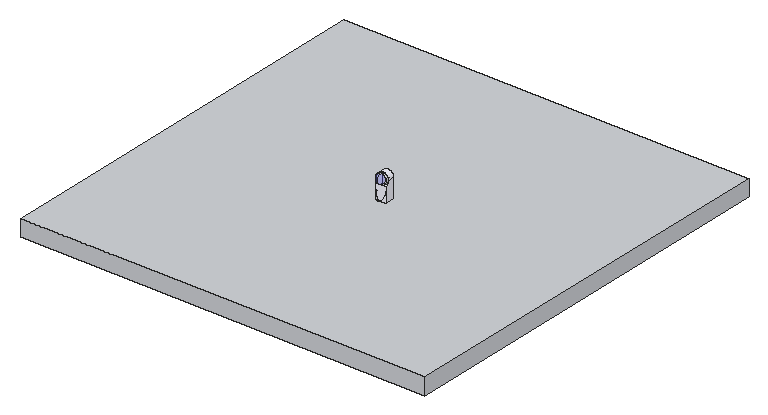
Revit family "BEG-91008", category Dispositifs d'éclairage, Revit 2015
Parameters
  Erfassungsbereich [instance] = yes
  Zone sitzend [instance] = yes
  URL = "http://www.luxomat.com/de-91008"
  Ausgabetyp = "Schalten"
  Umgebungstemperatur = "-25°C bis +50°C"
  Artikel-Nummer = "91008"
  Relais = "10A"
  Modèle = "LC-plus 280, weiß"
  Montge Anleitung = "Aufputz Version"
  Marke = "LUXOMAT"
  Image du type = 91008.jpg
  IP = "44"
  Max Montagehöhe empfohlen = Montagehöhe max  # 300 cm
  Montagehöhe max = 300 cm
  Fabricant = "B.E.G"
  Etikette [instance] = yes
  Elévation par défaut = 250 cm
  Typische Leistungsaufnahme = "0,39W"
  Commentaires du type = "LC-plus 280-weiß  BEG Luxomat Bewegungsmelder"
  Code d'assemblage = "D5010200"
  Klasse = "2"
  Schaltleistung Kanal LED = "250W"
  Schaltleistung Kanal Cos ɸ =1 = "2000W"
  Schaltleistung Kanal Cos ɸ =0,5 = "500VA"
  SPANNUNG = "110-240 V AC"
Reference planes (cm)
  plane 1 "Centre (avant/arrière)": y = 0
  plane 2: z = 0
  plane 3 "Centre (gauche/droite)": x = 0
Forms (cm)
  Extrusion 1, solid
    sketch origin (0, 0, 0) x (1, 0, 0) y (0, 1, 0)
      loop
        line (-121.92, 121.92) -> (-121.92, -121.92) -> (121.92, -121.92) -> (121.92, 121.92) -> (-121.92, 121.92)
    from 0 to -10
Dimensions and locks (cm)
  aligned and locked: plane 2 to Extrusion 1
  aligned and locked: level to Extrusion 1
  aligned and locked: plane 2 to nested 3
Nested families (cm)
  nested 1: "Famille1" at (0, -52.6659, 0) x (-1, 0, 0) z (0, 0, 1), reference <- "Artikel-Nummer", modele <- "Modèle", visible <- "Etikette", type "Famille1"
    with reference "91008", modele "LC-plus 280, weiß"
  nested 2: "Symbole Mural 2D" at (0, 0, 0), type "Symbole Mural 2D"
  nested 3: "M3" at (0, -2.25, 11.5969), type "Standard"
  nested 4: "zone D" at (0, 0, 0) x (1, 0, 0) z (0, -1, 0), visible <- "Erfassungsbereich", type "zone D"
    with zone assise yes, position 3 100 cm, position 2 240 cm, position 1 400 cm, frontale 600 cm, biais 1000 cm, assise 400 cm
Connectors (cm)
  electrical at (0, -0.6582, 0)
    settings: on nested 3, index 1, voltage 240 V, apparent load 0 VA, apparent load phase1 0 VA, apparent load phase2 0 VA, apparent load phase3 0 VA, power factor 1, load classification "Eclairage", number of poles 1, system type 31, power factor state 1, is connector primary yes, connector utility no, sub classification motor no, connector description ""
Definition of nested family "M3"
  Parameters (values of type "Standard")
    d78 = 14.8 cm
    d134 = 0 cm
    d131 = 14.8 cm
    Extrusion_Symmetric_1 = 7.4 cm
  Reference planes (cm)
    plane 1 "Centre (avant/arrière)": y = 0
    plane 2: z = 0
    plane 3 "Centre (gauche/droite)": x = 0
    plane 4: x = 0
    plane 5: z = 3.2031
    plane 6: z = -11.5969
    plane 7: z = 3.2031
    plane 8: x = 5.1
    plane 9: x = -5.1
    plane 10: y = 0
    plane 11: y = -7.4
    plane 12: y = 7.4
  Forms (cm)
    Revolve 1, solid
      sketch origin (0, 0, 0) x (0, -1, 0) y (0, 0, -1)
        loop
          line (0, 0) -> (2.75, 0)
          arc (2.75, 0) -> (1.9445, 1.9445) -> (0, 2.75) r 2.75
          line (0, 2.75) -> (0, 0)
        axis (0, 0) -> (2.75, 0)
      angle from 0 to 360
    Revolve 2, solid
      sketch origin (0, 0, 0) x (0, -1, 0) y (0, 0, -1)
        loop
          line (0, 0) -> (-1.5, 0) -> (-1.5, -2.9)
          arc (-1.5, -2.9) -> (-0.7682, -3.1409) -> (0, -3.2) r 3.2031
          line (0, -3.2) -> (0, 0)
        axis (0, 0) -> (-1.5, 0)
      angle from 0 to 360
    Extrusion 3, solid
      sketch origin (0, 0, -11.5969) x (-1, 0, 0) y (0, -1, 0)
        loop
          arc (-3.4, -4.6278) -> (0, -5.05) -> (3.4, -4.6278) r 13.9
          line (3.4, -4.6278) -> (3.4, 0.1722)
          arc (3.4, 0.1722) -> (0, 0.9523) -> (-3.4, 0.1722) r 7.8
          line (-3.4, 0.1722) -> (-3.4, -4.6278)
      from 0 to 14.8
    Extrusion 4, void
      sketch origin (0, 0, 0) x (0, -1, 0) y (0, 0, -1)
        loop
          line (-1.5, -4.0367) -> (2.4122, -4.0367) -> (2.2569, 11.5969) -> (0.9523, 11.5969) -> (0, 3.2974) -> (-1.5, 1.3072) -> (-1.5, -4.0367)
      from 5.1 to -5.1
    Extrusion 5, void
      sketch origin (0, 0, 0) x (-1, 0, 0) y (0, 0, 1)
        loop
          line (3.4, -0.3969) -> (4.5951, -0.3969) -> (4.5951, 5.2234) -> (-5.7787, 5.2234) -> (-5.7787, -0.3969) -> (-3.4, -0.3969)
          arc (-3.4, -0.3969) -> (0, 3.0031) -> (3.4, -0.3969) r 3.4
      from -7.4 to 7.4
  Cuts and joins
    Extrusion 4, Extrusion 5 cuts Extrusion 3
    joined: Revolve 2, Extrusion 3
  Lines and regions (cm)
    reference lines
      curve 1: line (0, 0, 0) -> (0, 0, -2.75)
      curve 2: arc (0, -2.75, 0) -> (0, -1.9445, -1.9445) -> (0, 0, -2.75) r 2.75
      curve 3: line (0, 0, 0) -> (0, -2.75, 0)
      curve 4: line (0, 0, 0) -> (0, 1.5, 0)
      curve 5: line (0, 1.5, 2.9) -> (0, 1.5, 0)
      curve 6: arc (0, 1.5, 2.9) -> (0, 0.7682, 3.1409) -> (0, 0, 3.2) r 3.2031
      curve 7: line (0, 0, 0) -> (0, 0, 3.2)
      curve 8: line (3.4, 4.6278, -11.5969) -> (3.4, -0.1722, -11.5969)
      curve 9: arc (-3.4, -0.1722, -11.5969) -> (0, -0.9523, -11.5969) -> (3.4, -0.1722, -11.5969) r 7.8
      curve 10: line (-3.4, -0.1722, -11.5969) -> (-3.4, 4.6278, -11.5969)
      curve 11: arc (3.4, 4.6278, -11.5969) -> (0, 5.05, -11.5969) -> (-3.4, 4.6278, -11.5969) r 13.9
      curve 12: line (0, 1.5, 4.0367) -> (0, 1.5, -1.3072)
      curve 13: line (0, 1.5, -1.3072) -> (0, 0, -3.2974)
      curve 14: line (0, 0, -3.2974) -> (0, -0.9523, -11.5969)
      curve 15: line (0, -2.2569, -11.5969) -> (0, -0.9523, -11.5969)
      curve 16: line (0, -2.4122, 4.0367) -> (0, -2.2569, -11.5969)
      curve 17: line (0, 1.5, 4.0367) -> (0, -2.4122, 4.0367)
      curve 18: arc (-3.4, 0, -0.3969) -> (0, 0, 3.0031) -> (3.4, 0, -0.3969) r 3.4
      curve 19: line (5.7787, 0, -0.3969) -> (3.4, 0, -0.3969)
      curve 20: line (5.7787, 0, 5.2234) -> (5.7787, 0, -0.3969)
      curve 21: line (-4.5951, 0, 5.2234) -> (5.7787, 0, 5.2234)
      curve 22: line (-4.5951, 0, -0.3969) -> (-4.5951, 0, 5.2234)
      curve 23: line (-3.4, 0, -0.3969) -> (-4.5951, 0, -0.3969)
  Dimensions and locks (cm)
    "d78": plane 6 to plane 5
    "d131": plane 6 to plane 7
    "Extrusion_Symmetric_1": plane 11 to plane 10
    "Extrusion_Symmetric_1": plane 10 to plane 12
    aligned and locked: level to plane 2
    aligned and locked: Revolve 1 sketch curve to curve 1
    aligned and locked: Revolve 1 sketch curve to curve 2
    aligned and locked: Revolve 1 sketch curve to curve 3  (x2)
    aligned and locked: Revolve 2 sketch curve to curve 4  (x2)
    aligned and locked: Revolve 2 sketch curve to curve 5
    aligned and locked: Revolve 2 sketch curve to curve 6
    aligned and locked: Revolve 2 sketch curve to curve 7
    aligned and locked: Extrusion 3 to plane 7
    aligned and locked: Extrusion 3 to plane 6
    aligned and locked: Extrusion 3 sketch curve to curve 8
    aligned and locked: Extrusion 3 sketch curve to curve 9
    aligned and locked: Extrusion 3 sketch curve to curve 10
    aligned and locked: Extrusion 3 sketch curve to curve 11
    aligned and locked: Extrusion 4 to plane 9
    aligned and locked: Extrusion 4 to plane 8
    aligned and locked: Extrusion 4 sketch curve to curve 12
    aligned and locked: Extrusion 4 sketch curve to curve 13
    aligned and locked: Extrusion 4 sketch curve to curve 14
    aligned and locked: Extrusion 4 sketch curve to curve 15
    aligned and locked: Extrusion 4 sketch curve to curve 16
    aligned and locked: Extrusion 4 sketch curve to curve 17
    aligned and locked: Extrusion 5 to plane 12
    aligned and locked: Extrusion 5 to plane 11
    aligned and locked: Extrusion 5 sketch curve to curve 18
    aligned and locked: Extrusion 5 sketch curve to curve 19
    aligned and locked: Extrusion 5 sketch curve to curve 20
    aligned and locked: Extrusion 5 sketch curve to curve 21
    aligned and locked: Extrusion 5 sketch curve to curve 22
    aligned and locked: Extrusion 5 sketch curve to curve 23
Definition of nested family "Famille1"
  Parameters (values of type "Famille1")
    reference [instance] = ""
    modele [instance] = ""
  Reference planes (cm)
    plane 1: y = 0
    plane 2: x = 0
  Text (cm)
    label "reference\n\nmodele" at (0.0074, -0.6424, 0), shows "reference", "modele"
Definition of nested family "Symbole Mural 2D"
  Reference planes (cm)
    plane 1: y = 0
    plane 2: x = 0
  Lines and regions (cm)
    Filled region 1, type "rouge"
      outline origin (0, 0, 0) x (1, 0, 0) y (0, 1, 0)
        loop
          circle (0, 0) r 0.0294
    detail lines
      curve 1: arc (-0.0294, 0, 0) -> (0, -0.0294, 0) -> (0.0294, 0, 0) r 0.0294
      curve 2: arc (0.0294, 0, 0) -> (0, 0.0294, 0) -> (-0.0294, 0, 0) r 0.0294
      curve 3: arc (0.102, 0.1767, 0) -> (0, 0.204, 0) -> (-0.102, 0.1767, 0) r 0.204
      curve 4: arc (0.081, 0.1403, 0) -> (0, 0.162, 0) -> (-0.081, 0.1403, 0) r 0.162
      curve 5: arc (0.06, 0.1039, 0) -> (0, 0.12, 0) -> (-0.06, 0.1039, 0) r 0.12
Definition of nested family "zone D"
  Parameters (values of type "zone D")
    zone assise [instance] = yes
    position 3 [instance] = (assise / 4)  # 100 cm
    position 2 [instance] = (frontale / 2) * 0.8  # 240 cm
    position 1 [instance] = (biais / 2) * 0.8  # 400 cm
    frontale [instance] = 600 cm
    biais [instance] = 1000 cm
    assise [instance] = 400 cm
  Reference planes (cm)
    plane 1 "Centre (avant/arrière)": y = 0
    plane 2: z = 0
    plane 3 "Centre (gauche/droite)": x = 0
    plane 4: y = 600
    plane 5: y = 200
    plane 6: y = 1600
    plane 7: x = -1000
    plane 8: x = 1000
    plane 9: through (0, 0, 400) normal (0.766, -0.6428, 0)
    plane 10: through (0, 0, 400) normal (0.766, 0.6428, 0)
  Lines and regions (cm)
    detail lines, in view "Niveau de réf.", visible <- "zone assise"
      curve 1: spline (-41.3175, 115.4258, 0) -> (-40.9514, 115.2726, 0) -> (-39.8783, 115.1298, 0) -> (-38.1711, 115.0072, 0) -> (-35.9463, 114.9131, 0) -> (-33.3554, 114.8539, 0) -> (-30.5751, 114.8338, 0) -> (-27.7947, 114.8539, 0) -> (-25.2038, 114.9131, 0) -> (-22.979, 115.0072, 0) -> (-21.2718, 115.1298, 0) -> (-20.1987, 115.2726, 0) -> (-19.8326, 115.4258, 0) -> (-20.1987, 115.5791, 0) -> (-21.2718, 115.7219, 0) -> (-22.979, 115.8445, 0) -> (-25.2038, 115.9386, 0) -> (-27.7947, 115.9977, 0) -> (-30.5751, 116.0179, 0) -> (-33.3554, 115.9977, 0) -> (-35.9463, 115.9386, 0) -> (-38.1711, 115.8445, 0) -> (-39.8783, 115.7219, 0) -> (-40.9514, 115.5791, 0) -> (-41.3175, 115.4258, 0)
      curve 2: line (-41.3175, 115.4258, 0) -> (-39.7679, 115.7322, 0)
      curve 3: arc (-38.6903, 95.6252, 0) -> (-43.3323, 95.028, 0) -> (-47.6719, 93.2752, 0) r 18.3388
      curve 4: arc (-47.6719, 93.2752, 0) -> (-47.739, 93.2094, 0) -> (-47.7637, 93.1188, 0) r 0.1799
      curve 5: arc (-38.4979, 95.0335, 0) -> (-42.7881, 94.6337, 0) -> (-46.8946, 93.3288, 0) r 20.1051
      curve 6: arc (-46.8946, 93.3288, 0) -> (-47.0804, 93.235, 0) -> (-47.253, 93.1188, 0) r 1.6679
      curve 7: circle (-47.5084, 92.3848, 0) r 0.5096 normal (0, 0, 1)
      curve 8: arc (-46.9388, 92.3848, 0) -> (-47.5084, 92.9544, 0) -> (-48.078, 92.3848, 0) r 0.5696
      curve 9: arc (-46.8788, 92.3848, 0) -> (-47.5084, 93.0144, 0) -> (-48.138, 92.3848, 0) r 0.6296
      curve 10: arc (-22.4599, 95.6252, 0) -> (-17.8179, 95.028, 0) -> (-13.4782, 93.2752, 0) r 18.3388
      curve 11: arc (-13.4782, 93.2752, 0) -> (-13.4112, 93.2094, 0) -> (-13.3864, 93.1188, 0) r 0.1799
      curve 12: arc (-22.6522, 95.0335, 0) -> (-18.362, 94.6337, 0) -> (-14.2555, 93.3288, 0) r 20.1051
      curve 13: arc (-14.2555, 93.3288, 0) -> (-14.0697, 93.235, 0) -> (-13.8971, 93.1188, 0) r 1.6679
      curve 14: circle (-13.6418, 92.3848, 0) r 0.5096 normal (0, 0, 1)
      curve 15: arc (-13.0722, 92.3848, 0) -> (-13.6418, 92.9544, 0) -> (-14.2113, 92.3848, 0) r 0.5696
      curve 16: arc (-13.0122, 92.3848, 0) -> (-13.6418, 93.0144, 0) -> (-14.2713, 92.3848, 0) r 0.6296
      curve 17: arc (-31.3001, 95.6252, 0) -> (-35.0279, 94.773, 0) -> (-38.5464, 93.2752, 0) r 21.5424
      curve 18: arc (-38.5464, 93.2752, 0) -> (-38.6134, 93.2094, 0) -> (-38.6382, 93.1188, 0) r 0.1799
      curve 19: arc (-31.3001, 95.0335, 0) -> (-34.5944, 94.4079, 0) -> (-37.7691, 93.3288, 0) r 23.9713
      curve 20: arc (-37.7691, 93.3288, 0) -> (-37.9518, 93.2368, 0) -> (-38.1218, 93.1231, 0) r 1.6679
      curve 21: arc (-31.0637, 95.0335, 0) -> (-34.3097, 94.3846, 0) -> (-37.4471, 93.3288, 0) r 26.0219
      curve 22: arc (-37.4471, 93.3288, 0) -> (-37.6328, 93.235, 0) -> (-37.8055, 93.1188, 0) r 1.6679
      curve 23: circle (-38.2218, 92.3848, 0) r 0.5096 normal (0, 0, 1)
      curve 24: arc (-37.6522, 92.3848, 0) -> (-38.2218, 92.9544, 0) -> (-38.7914, 92.3848, 0) r 0.5696
      curve 25: arc (-37.5922, 92.3848, 0) -> (-38.2218, 93.0144, 0) -> (-38.8514, 92.3848, 0) r 0.6296
      curve 26: arc (-29.85, 95.6252, 0) -> (-26.1222, 94.773, 0) -> (-22.6037, 93.2752, 0) r 21.5424
      curve 27: arc (-22.6037, 93.2752, 0) -> (-22.5367, 93.2094, 0) -> (-22.5119, 93.1188, 0) r 0.1799
      curve 28: arc (-29.85, 95.0335, 0) -> (-26.5557, 94.4079, 0) -> (-23.381, 93.3288, 0) r 23.9713
      curve 29: arc (-23.381, 93.3288, 0) -> (-23.1952, 93.235, 0) -> (-23.0226, 93.1188, 0) r 1.6679
      curve 30: arc (-30.0865, 95.0335, 0) -> (-26.8404, 94.3846, 0) -> (-23.703, 93.3288, 0) r 26.0219
      curve 31: arc (-23.703, 93.3288, 0) -> (-23.5173, 93.235, 0) -> (-23.3447, 93.1188, 0) r 1.6679
      curve 32: circle (-22.9283, 92.3848, 0) r 0.5096 normal (0, 0, 1)
      curve 33: arc (-22.3587, 92.3848, 0) -> (-22.9283, 92.9544, 0) -> (-23.4979, 92.3848, 0) r 0.5696
      curve 34: arc (-22.2987, 92.3848, 0) -> (-22.9283, 93.0144, 0) -> (-23.5579, 92.3848, 0) r 0.6296
      curve 35: arc (-39.0487, 121.0845, 0) -> (-37.9184, 118.0313, 0) -> (-34.9061, 116.7959, 0) r 4.0512
      curve 36: arc (-19.7594, 116.4409, 0) -> (-18.9946, 115.9957, 0) -> (-18.8354, 115.1252, 0) r 1.0582
      curve 37: arc (-18.8354, 115.1252, 0) -> (-20.1297, 105.987, 0) -> (-20.1111, 96.7576, 0) r 64.7189
      curve 38: arc (-20.1111, 96.7576, 0) -> (-19.9738, 96.2109, 0) -> (-19.4935, 95.9159, 0) r 0.7467
      curve 39: arc (-19.4935, 95.9159, 0) -> (-16.4122, 95.3424, 0) -> (-13.2788, 95.2735, 0) r 19.3577
      curve 40: arc (-13.2788, 95.2735, 0) -> (-13.6771, 95.7749, 0) -> (-14.2869, 95.97, 0) r 1.1013
      curve 41: arc (-14.2869, 95.97, 0) -> (-16.4682, 96.4044, 0) -> (-18.5995, 97.0399, 0) r 23.8747
      curve 42: arc (-18.5995, 97.0399, 0) -> (-17.6453, 105.6652, 0) -> (-16.8888, 114.3101, 0) r 379.1961
      curve 43: arc (-16.8888, 114.3101, 0) -> (-17.1116, 117.0558, 0) -> (-19.099, 118.9634, 0) r 3.8846
      curve 44: arc (-19.099, 118.9634, 0) -> (-25.2549, 121.0287, 0) -> (-31.695, 121.8571, 0) r 33.2193
      curve 45: arc (-31.695, 121.8571, 0) -> (-30.8924, 129.519, 0) -> (-30.9017, 137.2229, 0) r 72.9952
      curve 46: arc (-31.1524, 140.494, 0) -> (-31.2604, 141.5098, 0) -> (-31.3826, 142.524, 0) r 72.9952
      curve 47: arc (-34.2155, 142.2892, 0) -> (-36.3834, 141.5053, 0) -> (-35.5294, 139.3641, 0) r 1.6042
      curve 48: arc (-31.3826, 142.524, 0) -> (-34.7706, 144.4714, 0) -> (-38.1587, 142.524, 0) r 3.9209
      curve 49: arc (-4.8826, 132.5317, 0) -> (-4.8945, 132.4406, 0) -> (-4.9819, 132.4689, 0) r 0.0597
      curve 50: arc (-7.0184, 132.7548, 0) -> (-6.9904, 132.5973, 0) -> (-7.149, 132.5761, 0) r 0.1108
      curve 51: spline (-34.9316, 153.8549, 0) -> (-34.0201, 153.7243, 0) -> (-33.1637, 153.2995, 0) -> (-32.4208, 152.6094, 0) -> (-31.842, 151.7011, 0) -> (-31.4668, 150.6365, 0) -> (-31.3207, 149.488, 0) -> (-31.4136, 148.3341, 0) -> (-31.7393, 147.2532, 0) -> (-32.2756, 146.3192, 0) -> (-32.9858, 145.5955, 0) -> (-33.8217, 145.1317, 0) -> (-34.7262, 144.9591, 0) -> (-35.6377, 145.0897, 0) -> (-36.494, 145.5145, 0) -> (-37.2369, 146.2046, 0) -> (-37.8157, 147.1129, 0) -> (-38.191, 148.1776, 0) -> (-38.3371, 149.326, 0) -> (-38.2441, 150.48, 0) -> (-37.9184, 151.5608, 0) -> (-37.3822, 152.4949, 0) -> (-36.6719, 153.2185, 0) -> (-35.8361, 153.6824, 0) -> (-34.9316, 153.8549, 0)
      curve 52: line (-10.2016, 91.8752, 0) -> (30.5833, 91.8752, 0)
      curve 53: line (30.5833, 91.8752, 0) -> (30.5833, 130.8821, 0)
      curve 54: line (30.5833, 130.8821, 0) -> (-10.2016, 130.8821, 0)
      curve 55: line (-10.2016, 130.8821, 0) -> (-10.2016, 91.8752, 0)
      curve 56: line (-10.2016, 91.8752, 0) -> (-56.7589, 91.8752, 0)
      curve 57: line (-16.1433, 130.8821, 0) -> (36.525, 130.8821, 0)
      curve 58: line (36.525, 130.8821, 0) -> (36.525, 132.3485, 0)
      curve 59: line (36.525, 132.3485, 0) -> (-16.1433, 132.3485, 0)
      curve 60: line (-16.1433, 132.3485, 0) -> (-16.1433, 130.8821, 0)
      curve 61: line (-31.5631, 114.8338, 0) -> (-29.587, 114.8338, 0)
      curve 62: line (-29.587, 114.8338, 0) -> (-29.587, 95.6252, 0)
      curve 63: line (-29.587, 95.6252, 0) -> (-31.5631, 95.6252, 0)
      curve 64: line (-31.5631, 95.6252, 0) -> (-31.5631, 114.8338, 0)
      curve 65: line (-31.5631, 95.6252, 0) -> (-38.6903, 95.6252, 0)
      curve 66: line (-47.7637, 93.1188, 0) -> (-47.253, 93.1188, 0)
      curve 67: line (-29.85, 95.6252, 0) -> (-30.0865, 95.0335, 0)
      curve 68: line (-30.0865, 95.0335, 0) -> (-29.85, 95.0335, 0)
      curve 69: line (-29.85, 95.0335, 0) -> (-30.5751, 95.0335, 0)
      curve 70: line (-30.5751, 95.0335, 0) -> (-31.3001, 95.0335, 0)
      curve 71: line (-31.3001, 95.0335, 0) -> (-31.0637, 95.0335, 0)
      curve 72: line (-31.0637, 95.0335, 0) -> (-31.3001, 95.6252, 0)
      curve 73: line (-34.1634, 95.0335, 0) -> (-38.4979, 95.0335, 0)
      curve 74: line (-48.078, 92.3848, 0) -> (-48.138, 92.3848, 0)
      curve 75: line (-46.9388, 92.3848, 0) -> (-46.8788, 92.3848, 0)
      curve 76: line (-47.4084, 93.0064, 0) -> (-47.4084, 93.1188, 0)
      curve 77: line (-47.6084, 93.0064, 0) -> (-47.6084, 93.1188, 0)
      curve 78: line (-29.587, 95.6252, 0) -> (-22.4599, 95.6252, 0)
      curve 79: line (-13.3864, 93.1188, 0) -> (-13.8971, 93.1188, 0)
      curve 80: line (-26.9867, 95.0335, 0) -> (-22.6522, 95.0335, 0)
      curve 81: line (-13.0722, 92.3848, 0) -> (-13.0122, 92.3848, 0)
      curve 82: line (-14.2113, 92.3848, 0) -> (-14.2713, 92.3848, 0)
      curve 83: line (-13.7418, 93.0064, 0) -> (-13.7418, 93.1188, 0)
      curve 84: line (-13.5418, 93.0064, 0) -> (-13.5418, 93.1188, 0)
      curve 85: line (-38.6382, 93.1188, 0) -> (-37.8055, 93.1188, 0)
      curve 86: line (-38.7914, 92.3848, 0) -> (-38.8514, 92.3848, 0)
      curve 87: line (-37.6522, 92.3848, 0) -> (-37.5922, 92.3848, 0)
      curve 88: line (-38.1218, 93.0064, 0) -> (-38.1218, 93.1231, 0)
      curve 89: line (-38.3218, 93.0064, 0) -> (-38.3218, 93.1188, 0)
      curve 90: line (-22.5119, 93.1188, 0) -> (-23.3447, 93.1188, 0)
      curve 91: line (-22.3587, 92.3848, 0) -> (-22.2987, 92.3848, 0)
      curve 92: line (-23.4979, 92.3848, 0) -> (-23.5579, 92.3848, 0)
      curve 93: line (-23.0283, 93.0064, 0) -> (-23.0283, 93.1188, 0)
      curve 94: line (-22.8283, 93.0064, 0) -> (-22.8283, 93.1188, 0)
      curve 95: line (-34.9061, 116.7959, 0) -> (-19.7594, 116.4409, 0)
      curve 96: line (-39.0487, 121.0845, 0) -> (-38.1587, 142.524, 0)
      curve 97: line (-34.2155, 142.2892, 0) -> (-21.3663, 134.7588, 0)
      curve 98: line (-21.3663, 134.7588, 0) -> (-10.3337, 133.881, 0)
      curve 99: line (-10.3337, 133.881, 0) -> (-7.6441, 133.9359, 0)
      curve 100: line (-7.6441, 133.9359, 0) -> (-5.7779, 133.497, 0)
      curve 101: line (-5.7779, 133.497, 0) -> (-4.8826, 132.5317, 0)
      curve 102: line (-4.9819, 132.4689, 0) -> (-5.8216, 133.3036, 0)
      curve 103: line (-5.8216, 133.3036, 0) -> (-7.6523, 133.513, 0)
      curve 104: line (-7.6523, 133.513, 0) -> (-8.0567, 133.2388, 0)
      curve 105: line (-8.0567, 133.2388, 0) -> (-7.0184, 132.7548, 0)
      curve 106: line (-7.149, 132.5761, 0) -> (-8.7064, 133.1089, 0)
      curve 107: line (-8.7064, 133.1089, 0) -> (-10.5368, 132.8698, 0)
      curve 108: line (-10.5368, 132.8698, 0) -> (-22.0552, 133.1298, 0)
      curve 109: line (-22.0552, 133.1298, 0) -> (-35.5294, 139.3641, 0)
      curve 110: line (-35.9052, 145.1881, 0) -> (-36.0352, 144.2619, 0)
      curve 111: line (-33.555, 145.2442, 0) -> (-33.4126, 144.2287, 0)
      curve 112: line (30.5833, 91.8752, 0) -> (42.1578, 91.8752, 0)
    detail lines, in view "Niveau de réf."
      curve 113: spline (-2.3068, 424.875, 0) -> (-4.0856, 424.5434, 0) -> (-5.7432, 423.5712, 0) -> (-7.1667, 422.0245, 0) -> (-8.2589, 420.0089, 0) -> (-8.9455, 417.6617, 0) -> (-9.1797, 415.1428, 0) -> (-8.9455, 412.6239, 0) -> (-8.2589, 410.2767, 0) -> (-7.1667, 408.261, 0) -> (-5.7432, 406.7144, 0) -> (-4.0856, 405.7422, 0) -> (-2.3068, 405.4105, 0) -> (-0.5279, 405.7422, 0) -> (1.1297, 406.7144, 0) -> (2.5531, 408.261, 0) -> (3.6453, 410.2767, 0) -> (4.3319, 412.6239, 0) -> (4.5661, 415.1428, 0) -> (4.3319, 417.6617, 0) -> (3.6453, 420.0089, 0) -> (2.5531, 422.0245, 0) -> (1.1297, 423.5712, 0) -> (-0.5279, 424.5434, 0) -> (-2.3068, 424.875, 0)
      curve 114: line (4.7649, 412.2415, 0) -> (-0.5136, 425.0698, 0)
      curve 115: line (-3.5648, 425.2261, 0) -> (-9.2455, 411.6752, 0)
      curve 116: line (0.3759, 405.6074, 0) -> (3.0011, 408.0292, 0)
      curve 117: line (-3.5053, 425.6531, 0) -> (-6.62, 425.5242, 0)
      curve 118: line (-1.7304, 425.501, 0) -> (-3.5053, 425.6531, 0)
      curve 119: line (4.7649, 412.2415, 0) -> (-0.5136, 425.0698, 0)
      curve 120: line (21.1936, 412.5379, 0) -> (24.4202, 414.5108, 0)
      curve 121: line (21.1936, 412.5379, 0) -> (24.4202, 414.5108, 0)
      curve 122: line (0.3759, 405.6074, 0) -> (3.0011, 408.0292, 0)
      curve 123: line (-1.7304, 425.501, 0) -> (-6.62, 425.5242, 0)
      curve 124: line (-3.5648, 425.2261, 0) -> (-9.2455, 411.6752, 0)
      curve 125: line (0, 397.1486, 0) -> (0, 366.2274, 0)
      curve 126: line (0, 366.2274, 0) -> (0, 357.93, 0)
      curve 127: spline (-389.2744, 828.3651, 0) -> (-387.6504, 827.567, 0) -> (-385.7404, 827.3548, 0) -> (-383.6747, 827.7431, 0) -> (-381.5938, 828.7052, 0) -> (-379.6397, 830.1758, 0) -> (-377.9456, 832.0545, 0) -> (-376.6268, 834.2133, 0) -> (-375.7733, 836.5051, 0) -> (-375.4432, 838.7738, 0) -> (-375.659, 840.8646, 0) -> (-376.406, 842.6352, 0) -> (-377.6333, 843.9648, 0) -> (-379.2573, 844.7629, 0) -> (-381.1673, 844.9751, 0) -> (-383.2331, 844.5868, 0) -> (-385.3139, 843.6246, 0) -> (-387.268, 842.1541, 0) -> (-388.9621, 840.2754, 0) -> (-390.2809, 838.1166, 0) -> (-391.1344, 835.8248, 0) -> (-391.4645, 833.5561, 0) -> (-391.2487, 831.4653, 0) -> (-390.5017, 829.6947, 0) -> (-389.2744, 828.3651, 0)
      curve 128: line (-387.3863, 842.7195, 0) -> (-390.828, 829.2814, 0)
      curve 129: line (-388.4761, 827.3314, 0) -> (-375.819, 834.7943, 0)
      curve 130: line (-379.9011, 845.4115, 0) -> (-383.4534, 845.0406, 0)
      curve 131: line (-388.7791, 827.0247, 0) -> (-386.2058, 825.2652, 0)
      curve 132: line (-390.1108, 828.2081, 0) -> (-388.7791, 827.0247, 0)
      curve 133: line (-387.3863, 842.7195, 0) -> (-390.828, 829.2814, 0)
      curve 134: line (-400.7303, 852.3073, 0) -> (-404.4962, 852.6559, 0)
      curve 135: line (-400.7303, 852.3073, 0) -> (-404.4962, 852.6559, 0)
      curve 136: line (-379.9011, 845.4115, 0) -> (-383.4534, 845.0406, 0)
      curve 137: line (-390.1108, 828.2081, 0) -> (-386.2058, 825.2652, 0)
      curve 138: line (-388.4761, 827.3314, 0) -> (-375.819, 834.7943, 0)
      curve 139: line (-374.5409, 851.966, 0) -> (-356.048, 876.7477, 0)
      curve 140: line (-356.048, 876.7477, 0) -> (-351.0856, 883.3976, 0)
      curve 281: spline (-801.9797, -955.7621, 0) -> (-963.3172, -429.3849, 0) -> (-995.3183, 154.6423, 0) -> (-893.6866, 717.9069, 0) -> (-672.0672, 1184.7843, 0) -> (-360.2151, 1492.5908, 0) -> (0, 1600, 0) -> (360.2151, 1492.5908, 0) -> (672.0672, 1184.7843, 0) -> (893.6866, 717.9069, 0) -> (995.3183, 154.6423, 0) -> (963.3172, -429.3849, 0) -> (801.9797, -955.7621, 0)
      curve 282: arc (385.6726, -459.6267, 0) -> (0, 600, 0) -> (-385.6726, -459.6267, 0) r 600
      curve 283: arc (128.5575, -153.2089, 0) -> (0, 200, 0) -> (-128.5575, -153.2089, 0) r 200
      curve 284: line (0, 0, 0) -> (-801.9797, -955.7621, 0)
      curve 285: line (0, 0, 0) -> (801.9797, -955.7621, 0)
    detail lines, in view "Niveau de réf.", visible <- "zone assise", not visible
      curve 141: spline (925.976, -22.5654, 0) -> (926.342, -22.7186, 0) -> (927.4152, -22.8614, 0) -> (929.1224, -22.984, 0) -> (931.3472, -23.0781, 0) -> (933.938, -23.1373, 0) -> (936.7184, -23.1574, 0) -> (939.4987, -23.1373, 0) -> (942.0896, -23.0781, 0) -> (944.3144, -22.984, 0) -> (946.0216, -22.8614, 0) -> (947.0948, -22.7186, 0) -> (947.4608, -22.5654, 0) -> (947.0948, -22.4122, 0) -> (946.0216, -22.2694, 0) -> (944.3144, -22.1467, 0) -> (942.0896, -22.0527, 0) -> (939.4987, -21.9935, 0) -> (936.7184, -21.9733, 0) -> (933.938, -21.9935, 0) -> (931.3472, -22.0527, 0) -> (929.1224, -22.1467, 0) -> (927.4152, -22.2694, 0) -> (926.342, -22.4122, 0) -> (925.976, -22.5654, 0)
      curve 142: line (925.976, -22.5654, 0) -> (927.5256, -22.2591, 0)
      curve 143: arc (928.6032, -42.366, 0) -> (923.9612, -42.9632, 0) -> (919.6215, -44.716, 0) r 18.3388
      curve 144: arc (919.6215, -44.716, 0) -> (919.5545, -44.7818, 0) -> (919.5297, -44.8725, 0) r 0.1799
      curve 145: arc (928.7956, -42.9577, 0) -> (924.5053, -43.3576, 0) -> (920.3988, -44.6624, 0) r 20.1051
      curve 146: arc (920.3988, -44.6624, 0) -> (920.213, -44.7562, 0) -> (920.0404, -44.8725, 0) r 1.6679
      curve 147: circle (919.7851, -45.6065, 0) r 0.5096 normal (0, 0, 1)
      curve 148: arc (920.3547, -45.6065, 0) -> (919.7851, -45.0369, 0) -> (919.2155, -45.6065, 0) r 0.5696
      curve 149: arc (920.4147, -45.6065, 0) -> (919.7851, -44.9769, 0) -> (919.1555, -45.6065, 0) r 0.6296
      curve 150: arc (944.8336, -42.366, 0) -> (949.4756, -42.9632, 0) -> (953.8152, -44.716, 0) r 18.3388
      curve 151: arc (953.8152, -44.716, 0) -> (953.8823, -44.7818, 0) -> (953.907, -44.8725, 0) r 0.1799
      curve 152: arc (944.6412, -42.9577, 0) -> (948.9315, -43.3576, 0) -> (953.038, -44.6624, 0) r 20.1051
      curve 153: arc (953.038, -44.6624, 0) -> (953.2237, -44.7562, 0) -> (953.3964, -44.8725, 0) r 1.6679
      curve 154: circle (953.6517, -45.6065, 0) r 0.5096 normal (0, 0, 1)
      curve 155: arc (954.2213, -45.6065, 0) -> (953.6517, -45.0369, 0) -> (953.0821, -45.6065, 0) r 0.5696
      curve 156: arc (954.2813, -45.6065, 0) -> (953.6517, -44.9769, 0) -> (953.0221, -45.6065, 0) r 0.6296
      curve 157: arc (935.9933, -42.366, 0) -> (932.2655, -43.2182, 0) -> (928.7471, -44.716, 0) r 21.5424
      curve 158: arc (928.7471, -44.716, 0) -> (928.68, -44.7818, 0) -> (928.6553, -44.8725, 0) r 0.1799
      curve 159: arc (935.9933, -42.9577, 0) -> (932.6991, -43.5833, 0) -> (929.5243, -44.6624, 0) r 23.9713
      curve 160: arc (929.5243, -44.6624, 0) -> (929.3417, -44.7544, 0) -> (929.1716, -44.8681, 0) r 1.6679
      curve 161: arc (936.2298, -42.9577, 0) -> (932.9838, -43.6066, 0) -> (929.8464, -44.6624, 0) r 26.0219
      curve 162: arc (929.8464, -44.6624, 0) -> (929.6606, -44.7562, 0) -> (929.488, -44.8725, 0) r 1.6679
      curve 163: circle (929.0716, -45.6065, 0) r 0.5096 normal (0, 0, 1)
      curve 164: arc (929.6412, -45.6065, 0) -> (929.0716, -45.0369, 0) -> (928.502, -45.6065, 0) r 0.5696
      curve 165: arc (929.7012, -45.6065, 0) -> (929.0716, -44.9769, 0) -> (928.442, -45.6065, 0) r 0.6296
      curve 166: arc (937.4435, -42.366, 0) -> (941.1713, -43.2182, 0) -> (944.6897, -44.716, 0) r 21.5424
      curve 167: arc (944.6897, -44.716, 0) -> (944.7568, -44.7818, 0) -> (944.7815, -44.8725, 0) r 0.1799
      curve 168: arc (937.4435, -42.9577, 0) -> (940.7377, -43.5833, 0) -> (943.9124, -44.6624, 0) r 23.9713
      curve 169: arc (943.9124, -44.6624, 0) -> (944.0982, -44.7562, 0) -> (944.2708, -44.8725, 0) r 1.6679
      curve 170: arc (937.207, -42.9577, 0) -> (940.453, -43.6066, 0) -> (943.5904, -44.6624, 0) r 26.0219
      curve 171: arc (943.5904, -44.6624, 0) -> (943.7762, -44.7562, 0) -> (943.9488, -44.8725, 0) r 1.6679
      curve 172: circle (944.3651, -45.6065, 0) r 0.5096 normal (0, 0, 1)
      curve 173: arc (944.9347, -45.6065, 0) -> (944.3651, -45.0369, 0) -> (943.7956, -45.6065, 0) r 0.5696
      curve 174: arc (944.9947, -45.6065, 0) -> (944.3651, -44.9769, 0) -> (943.7356, -45.6065, 0) r 0.6296
      curve 175: arc (928.2447, -16.9067, 0) -> (929.3751, -19.9599, 0) -> (932.3873, -21.1953, 0) r 4.0512
      curve 176: arc (947.5341, -21.5503, 0) -> (948.2989, -21.9955, 0) -> (948.4581, -22.866, 0) r 1.0582
      curve 177: arc (948.4581, -22.866, 0) -> (947.1637, -32.0042, 0) -> (947.1824, -41.2336, 0) r 64.7189
      curve 178: arc (947.1824, -41.2336, 0) -> (947.3196, -41.7803, 0) -> (947.8, -42.0753, 0) r 0.7467
      curve 179: arc (947.8, -42.0753, 0) -> (950.8812, -42.6489, 0) -> (954.0146, -42.7177, 0) r 19.3577
      curve 180: arc (954.0146, -42.7177, 0) -> (953.6164, -42.2163, 0) -> (953.0065, -42.0212, 0) r 1.1013
      curve 181: arc (953.0065, -42.0212, 0) -> (950.8253, -41.5868, 0) -> (948.6939, -40.9514, 0) r 23.8747
      curve 182: arc (948.6939, -40.9514, 0) -> (949.6481, -32.326, 0) -> (950.4047, -23.6811, 0) r 379.1961
      curve 183: arc (950.4047, -23.6811, 0) -> (950.1819, -20.9354, 0) -> (948.1945, -19.0278, 0) r 3.8846
      curve 184: arc (948.1945, -19.0278, 0) -> (942.0386, -16.9625, 0) -> (935.5985, -16.1341, 0) r 33.2193
      curve 185: arc (935.5985, -16.1341, 0) -> (936.4011, -8.4722, 0) -> (936.3918, -0.7683, 0) r 72.9952
      curve 186: arc (936.1411, 2.5028, 0) -> (936.0331, 3.5186, 0) -> (935.9108, 4.5328, 0) r 72.9952
      curve 187: arc (933.0779, 4.298, 0) -> (930.9101, 3.5141, 0) -> (931.7641, 1.3729, 0) r 1.6042
      curve 188: arc (935.9108, 4.5328, 0) -> (932.5228, 6.4802, 0) -> (929.1348, 4.5328, 0) r 3.9209
      curve 189: arc (962.4108, -5.4595, 0) -> (962.3989, -5.5507, 0) -> (962.3115, -5.5223, 0) r 0.0597
      curve 190: arc (960.275, -5.2364, 0) -> (960.303, -5.394, 0) -> (960.1444, -5.4151, 0) r 0.1108
      curve 191: spline (932.3619, 15.8637, 0) -> (933.2734, 15.7331, 0) -> (934.1297, 15.3083, 0) -> (934.8726, 14.6182, 0) -> (935.4514, 13.7099, 0) -> (935.8267, 12.6452, 0) -> (935.9728, 11.4968, 0) -> (935.8798, 10.3428, 0) -> (935.5541, 9.262, 0) -> (935.0179, 8.3279, 0) -> (934.3076, 7.6043, 0) -> (933.4718, 7.1404, 0) -> (932.5673, 6.9679, 0) -> (931.6558, 7.0985, 0) -> (930.7994, 7.5233, 0) -> (930.0565, 8.2134, 0) -> (929.4777, 9.1217, 0) -> (929.1025, 10.1864, 0) -> (928.9564, 11.3348, 0) -> (929.0493, 12.4888, 0) -> (929.375, 13.5696, 0) -> (929.9113, 14.5037, 0) -> (930.6215, 15.2273, 0) -> (931.4574, 15.6912, 0) -> (932.3619, 15.8637, 0)
      curve 192: line (957.0918, -46.116, 0) -> (997.8768, -46.116, 0)
      curve 193: line (997.8768, -46.116, 0) -> (997.8768, -7.1091, 0)
      curve 194: line (997.8768, -7.1091, 0) -> (957.0918, -7.1091, 0)
      curve 195: line (957.0918, -7.1091, 0) -> (957.0918, -46.116, 0)
      curve 196: line (957.0918, -46.116, 0) -> (910.5345, -46.116, 0)
      curve 197: line (951.1501, -7.1091, 0) -> (1003.8185, -7.1091, 0)
      curve 198: line (1003.8185, -7.1091, 0) -> (1003.8185, -5.6427, 0)
      curve 199: line (1003.8185, -5.6427, 0) -> (951.1501, -5.6427, 0)
      curve 200: line (951.1501, -5.6427, 0) -> (951.1501, -7.1091, 0)
      curve 201: line (935.7304, -23.1574, 0) -> (937.7064, -23.1574, 0)
      curve 202: line (937.7064, -23.1574, 0) -> (937.7064, -42.366, 0)
      curve 203: line (937.7064, -42.366, 0) -> (935.7304, -42.366, 0)
      curve 204: line (935.7304, -42.366, 0) -> (935.7304, -23.1574, 0)
      curve 205: line (935.7304, -42.366, 0) -> (928.6032, -42.366, 0)
      curve 206: line (919.5297, -44.8725, 0) -> (920.0404, -44.8725, 0)
      curve 207: line (937.4435, -42.366, 0) -> (937.207, -42.9577, 0)
      curve 208: line (937.207, -42.9577, 0) -> (937.4435, -42.9577, 0)
      curve 209: line (937.4435, -42.9577, 0) -> (936.7184, -42.9577, 0)
      curve 210: line (936.7184, -42.9577, 0) -> (935.9933, -42.9577, 0)
      curve 211: line (935.9933, -42.9577, 0) -> (936.2298, -42.9577, 0)
      curve 212: line (936.2298, -42.9577, 0) -> (935.9933, -42.366, 0)
      curve 213: line (933.13, -42.9577, 0) -> (928.7956, -42.9577, 0)
      curve 214: line (919.2155, -45.6065, 0) -> (919.1555, -45.6065, 0)
      curve 215: line (920.3547, -45.6065, 0) -> (920.4147, -45.6065, 0)
      curve 216: line (919.8851, -44.9848, 0) -> (919.8851, -44.8725, 0)
      curve 217: line (919.6851, -44.9848, 0) -> (919.6851, -44.8725, 0)
      curve 218: line (937.7064, -42.366, 0) -> (944.8336, -42.366, 0)
      curve 219: line (953.907, -44.8725, 0) -> (953.3964, -44.8725, 0)
      curve 220: line (940.3068, -42.9577, 0) -> (944.6412, -42.9577, 0)
      curve 221: line (954.2213, -45.6065, 0) -> (954.2813, -45.6065, 0)
      curve 222: line (953.0821, -45.6065, 0) -> (953.0221, -45.6065, 0)
      curve 223: line (953.5517, -44.9848, 0) -> (953.5517, -44.8725, 0)
      curve 224: line (953.7517, -44.9848, 0) -> (953.7517, -44.8725, 0)
      curve 225: line (928.6553, -44.8725, 0) -> (929.488, -44.8725, 0)
      curve 226: line (928.502, -45.6065, 0) -> (928.442, -45.6065, 0)
      curve 227: line (929.6412, -45.6065, 0) -> (929.7012, -45.6065, 0)
      curve 228: line (929.1716, -44.9848, 0) -> (929.1716, -44.8681, 0)
      curve 229: line (928.9716, -44.9848, 0) -> (928.9716, -44.8725, 0)
      curve 230: line (944.7815, -44.8725, 0) -> (943.9488, -44.8725, 0)
      curve 231: line (944.9347, -45.6065, 0) -> (944.9947, -45.6065, 0)
      curve 232: line (943.7956, -45.6065, 0) -> (943.7356, -45.6065, 0)
      curve 233: line (944.2651, -44.9848, 0) -> (944.2651, -44.8725, 0)
      curve 234: line (944.4651, -44.9848, 0) -> (944.4651, -44.8725, 0)
      curve 235: line (932.3873, -21.1953, 0) -> (947.5341, -21.5503, 0)
      curve 236: line (928.2447, -16.9067, 0) -> (929.1348, 4.5328, 0)
      curve 237: line (933.0779, 4.298, 0) -> (945.9271, -3.2324, 0)
      curve 238: line (945.9271, -3.2324, 0) -> (956.9598, -4.1102, 0)
      curve 239: line (956.9598, -4.1102, 0) -> (959.6493, -4.0553, 0)
      curve 240: line (959.6493, -4.0553, 0) -> (961.5155, -4.4943, 0)
      curve 241: line (961.5155, -4.4943, 0) -> (962.4108, -5.4595, 0)
      curve 242: line (962.3115, -5.5223, 0) -> (961.4719, -4.6876, 0)
      curve 243: line (961.4719, -4.6876, 0) -> (959.6412, -4.4783, 0)
      curve 244: line (959.6412, -4.4783, 0) -> (959.2367, -4.7524, 0)
      curve 245: line (959.2367, -4.7524, 0) -> (960.275, -5.2364, 0)
      curve 246: line (960.1444, -5.4151, 0) -> (958.5871, -4.8823, 0)
      curve 247: line (958.5871, -4.8823, 0) -> (956.7566, -5.1214, 0)
      curve 248: line (956.7566, -5.1214, 0) -> (945.2383, -4.8614, 0)
      curve 249: line (945.2383, -4.8614, 0) -> (931.7641, 1.3729, 0)
      curve 250: line (931.3882, 7.1969, 0) -> (931.2583, 6.2707, 0)
      curve 251: line (933.7384, 7.2529, 0) -> (933.8809, 6.2375, 0)
      curve 252: line (997.8768, -46.116, 0) -> (1009.4512, -46.116, 0)
    detail lines, in view "Niveau de réf.", not visible
      curve 253: spline (630.3724, -48.277, 0) -> (632.1512, -47.9453, 0) -> (633.8088, -46.9731, 0) -> (635.2323, -45.4264, 0) -> (636.3245, -43.4108, 0) -> (637.0111, -41.0636, 0) -> (637.2453, -38.5447, 0) -> (637.0111, -36.0258, 0) -> (636.3245, -33.6786, 0) -> (635.2323, -31.663, 0) -> (633.8088, -30.1163, 0) -> (632.1512, -29.1441, 0) -> (630.3724, -28.8124, 0) -> (628.5935, -29.1441, 0) -> (626.9359, -30.1163, 0) -> (625.5125, -31.663, 0) -> (624.4202, -33.6786, 0) -> (623.7336, -36.0258, 0) -> (623.4995, -38.5447, 0) -> (623.7336, -41.0636, 0) -> (624.4202, -43.4108, 0) -> (625.5125, -45.4264, 0) -> (626.9359, -46.9731, 0) -> (628.5935, -47.9453, 0) -> (630.3724, -48.277, 0)
      curve 254: line (623.3007, -35.6434, 0) -> (628.5792, -48.4717, 0)
      curve 255: line (631.6303, -48.628, 0) -> (637.311, -35.0771, 0)
      curve 256: line (627.6897, -29.0093, 0) -> (625.0645, -31.4311, 0)
      curve 257: line (631.5709, -49.055, 0) -> (634.6856, -48.9261, 0)
      curve 258: line (629.7959, -48.903, 0) -> (631.5709, -49.055, 0)
      curve 259: line (623.3007, -35.6434, 0) -> (628.5792, -48.4717, 0)
      curve 260: line (606.872, -35.9399, 0) -> (603.6454, -37.9127, 0)
      curve 261: line (606.872, -35.9399, 0) -> (603.6454, -37.9127, 0)
      curve 262: line (627.6897, -29.0093, 0) -> (625.0645, -31.4311, 0)
      curve 263: line (629.7959, -48.903, 0) -> (634.6856, -48.9261, 0)
      curve 264: line (631.6303, -48.628, 0) -> (637.311, -35.0771, 0)
      curve 265: line (628.0656, -20.5505, 0) -> (628.0656, 10.3707, 0)
      curve 266: line (628.0656, 10.3707, 0) -> (628.0656, 18.6681, 0)
      curve 267: spline (1030.3724, -260.777, 0) -> (1032.1512, -260.4453, 0) -> (1033.8088, -259.4731, 0) -> (1035.2323, -257.9264, 0) -> (1036.3245, -255.9108, 0) -> (1037.0111, -253.5636, 0) -> (1037.2453, -251.0447, 0) -> (1037.0111, -248.5258, 0) -> (1036.3245, -246.1786, 0) -> (1035.2323, -244.163, 0) -> (1033.8088, -242.6163, 0) -> (1032.1512, -241.6441, 0) -> (1030.3724, -241.3124, 0) -> (1028.5935, -241.6441, 0) -> (1026.9359, -242.6163, 0) -> (1025.5125, -244.163, 0) -> (1024.4202, -246.1786, 0) -> (1023.7336, -248.5258, 0) -> (1023.4995, -251.0447, 0) -> (1023.7336, -253.5636, 0) -> (1024.4202, -255.9108, 0) -> (1025.5125, -257.9264, 0) -> (1026.9359, -259.4731, 0) -> (1028.5935, -260.4453, 0) -> (1030.3724, -260.777, 0)
      curve 268: line (1023.3007, -248.1434, 0) -> (1028.5792, -260.9717, 0)
      curve 269: line (1031.6303, -261.128, 0) -> (1037.311, -247.5771, 0)
      curve 270: line (1027.6897, -241.5093, 0) -> (1025.0645, -243.9311, 0)
      curve 271: line (1031.5709, -261.555, 0) -> (1034.6856, -261.4261, 0)
      curve 272: line (1029.7959, -261.403, 0) -> (1031.5709, -261.555, 0)
      curve 273: line (1023.3007, -248.1434, 0) -> (1028.5792, -260.9717, 0)
      curve 274: line (1006.872, -248.4399, 0) -> (1003.6454, -250.4127, 0)
      curve 275: line (1006.872, -248.4399, 0) -> (1003.6454, -250.4127, 0)
      curve 276: line (1027.6897, -241.5093, 0) -> (1025.0645, -243.9311, 0)
      curve 277: line (1029.7959, -261.403, 0) -> (1034.6856, -261.4261, 0)
      curve 278: line (1031.6303, -261.128, 0) -> (1037.311, -247.5771, 0)
      curve 279: line (1028.0656, -233.0505, 0) -> (1028.0656, -202.1293, 0)
      curve 280: line (1028.0656, -202.1293, 0) -> (1028.0656, -193.8319, 0)
  Text (cm)
    text "2" at (-0.4332, 438.5229, 0), in view "Niveau de réf."
    text "1" at (-398.9383, 818.5475, 0), in view "Niveau de réf."
    text "1" at (628.4988, -61.9248, 0), in view "Niveau de réf.", not visible
    text "2" at (1028.4988, -274.4248, 0), in view "Niveau de réf.", not visible
